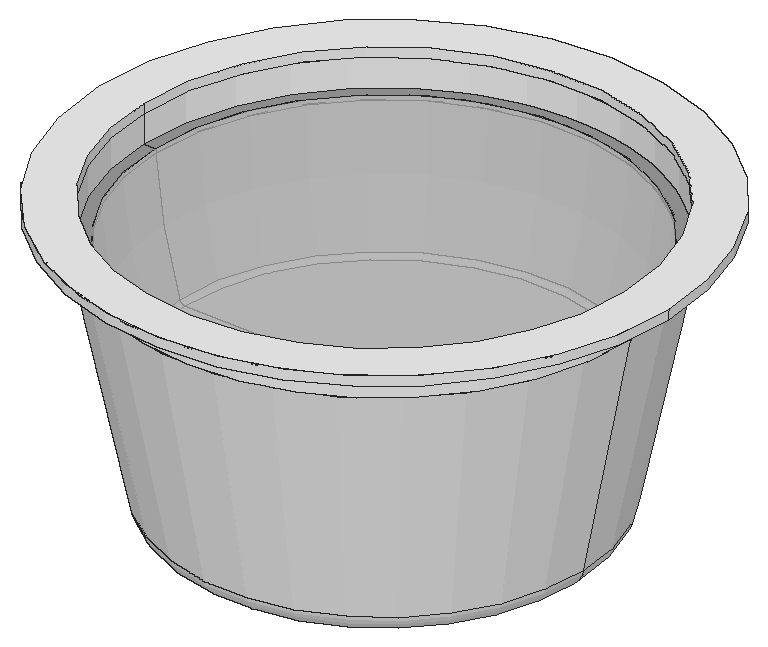
Revit family "2059203 Lighting Fixture_Sylvania_Ascent 100 Deco(160)-High Output_Ceiling Recessed", category Lighting Fixtures, host Face, Revit 2017
Family settings
  Host = Face
  Round Connector Dimension = Use Diameter
  Part Type = Normal
  OmniClass Number = 23.80.70.11.17
  OmniClass Title = Specialized Lighting by Location or Use
  Cut with Voids When Loaded = No
  Light Source = Yes
  Shared = No
  Room Calculation Point = No
Parameters (values of type "Asct100 Deco HO 3K EMPRO 160")
  Reflector Radius = Radius - 14.5 mm  # 80.0 mm
  Reflector Material = Aluminium_Sylvania_Ascent_Silver
  Radius = 94.5 mm
  Life = "50 000h"  # constant formula
  IP Rating = "IP44"  # constant formula
  IK Rating = "IK02"  # constant formula
  Height = 94.0 mm
  Wattage = 1.47564 W
  built-in parameter 1150110 = 1 (stored number, unit not read)
  Voltage Comments = "UNV (Universal Voltage; 220-240 Volt)"  # constant formula
  Voltage = 240 V  # constant formula
  URL = "https://www.sylvania-lighting.com/"
  built-in parameter 1114217 = 1 (stored number, unit not read)
  Tilt Angle = -90°
  built-in parameter 1150109 = 1 (stored number, unit not read)
  built-in parameter 1150134 = (empty or 0)
  built-in parameter 1150113 = 1 (stored number, unit not read)
  Product Page URL = "https://www.sylvania-lighting.com/product/en-int/products/2059203"
  Product Family = "Ascent 100 Deco (160) - High Output"  # constant formula
  Photometry Comments = ""
  Photometric Web File = "2059203_Asct100DecoHO3KEMPRO160-190043.ies"
  Glow Wire Test = 850 °C
  Emit from Circle Diameter = 2 * Diffuser Radius  # 152.0 mm
  Emit Shape Visible in Rendering = no
  Drive Current = "700mA"  # constant formula
  Diffuser Radius = Reflector Radius - 4.0 mm  # 76.0 mm
  Diffuser Material = Polycarbonate_Sylvania_Ascent_Clear
  Diameter = 2 * Radius  # 189.0 mm
  Cutout Diameter = Diameter - 11.0 mm  # 178.0 mm
  built-in parameter 1114216 [instance] = 1 (stored number, unit not read)
  Model = "Asct100 Deco HO 3K EMPRO 160"
  Manufacturer = "Feilo-Sylvania Group"
  built-in parameter 1150105 = 74.594 (stored number, unit not read)
  Lumens = 159 lm
  built-in parameter 1150115 = 1 (stored number, unit not read)
  built-in parameter 1150137 = (empty or 0)
  built-in parameter 1150139 = (empty or 0)
  built-in parameter 1150112 = 1 (stored number, unit not read)
  built-in parameter 1150114 = 1 (stored number, unit not read)
  Lamp = "Integrated LED"
  built-in parameter 1150132 = 2
  built-in parameter 1150102 = (empty or 0)
  built-in parameter 1150107 = 3000 (stored number, unit not read)
  built-in parameter 1150138 = (empty or 0)
  built-in parameter 1150106 = 0.74594 (stored number, unit not read)
  Body Material = Aluminum_Sylvania_Ascent_White
  built-in parameter 1150104 = 10.01 (stored number, unit not read)
  Dimming Lamp Color Temperature Shift = <None>
  Description = "Direct LED retro fit for original LED 100 Deco (160) single CFL lamp offering Matching lumen levels and improved light distribution of original LED 100 CFL lamp equivalents Typically half the power consumption compared to CFL Up to 112lm/W 160mm aperture Decorative reflector accepts snap fit polycarbonate accessories from existing LED 100 Deco 160 offering New kometa accessory ring creates a diffused indirect halo of light onto the ceiling for decorative effect HE, HO and VHO versions equivalent of single 1 x 18W, 1 x 32W, 1 x 42W Additional VVHO versions which offer the performance circa 2 x 32W equivalent"  # constant formula
  Default Elevation = 0.0 mm
  Color Filter = 16777215
  Catalog Number = "2059203 Asct100 Deco HO 3K EMPRO 160"
  built-in parameter 1140040 [instance] = 1
  built-in parameter 1114218 = 1 (stored number, unit not read)
  built-in parameter 1150133 = 10 (stored number, unit not read)
  Assembly Code = "D5020200"
  Apparent Load Comments = ""
  Apparent Load = 17 VA
  Aperture = 2 * Reflector Radius  # 160.0 mm
Reference planes
  plane 1 "Center (Front/Back)": y = 0
  plane 2: z = 0
  plane 3 "Center (Left/Right)": x = 0
  plane 4 "Fixture Bottom": z = 3
  plane 5: z = -53.5
  plane 6 "Fixture Top": z = -91
  plane 7: z = -9
  plane 8: z = -10.5
Forms (mm)
  Extrusion 1, solid, material "Aluminum_Sylvania_Ascent_White" <- "Body Material", detail levels fine
    sketch origin (0, 0, 0) x (1, 0, 0) y (0, 1, 0)
      loop
        circle (0, 0) r 94.5
      loop
        circle (0, 0) r 80
    from 0 to 3
  Extrusion 2, void
    sketch origin (0, 0, 0) x (1, 0, 0) y (0, 1, 0)
      loop
        circle (0, 0) r 89
    from -91 to 3
  Revolve 3, solid, material "Aluminum_Sylvania_Ascent_White" <- "Body Material", detail levels fine
    sketch origin (0, 0, 0) x (1, 0, 0) y (0, 0, 1)
      loop
        line (0, -89) -> (-58.456, -89)
        arc (-58.456, -89) -> (-62.232, -87.663) -> (-64.324, -84.247) r 6
        line (-64.324, -84.247) -> (-80, -10.5) -> (-80, 0) -> (-82.009, 0) -> (-82.009, -10.5) -> (-66.245, -84.663)
        arc (-66.245, -84.663) -> (-63.454, -89.217) -> (-58.42, -91) r 8
        line (-58.42, -91) -> (0, -91) -> (0, -89)
      axis (0, 0) -> (0, -91)
    angle from 0 to 360
  Revolve 4, solid, material "Aluminium_Sylvania_Ascent_Silver" <- "Reflector Material", detail levels fine
    sketch origin (0, 0, 0) x (1, 0, 0) y (0, 0, 1)
      loop
        line (-80, -9) -> (-80, -10.5) -> (-77, -10.5)
        arc (-77, -10.5) -> (-74.319, -31.239) -> (-68.971, -51.454) r 160.868
        arc (-68.971, -51.454) -> (-67.878, -52.935) -> (-66.127, -53.5) r 3
        line (-66.127, -53.5) -> (-58, -53.5)
        arc (-58, -53.5) -> (-56.855, -62.037) -> (-53.5, -69.971) r 32.394
        line (-53.5, -69.971) -> (0, -69.971) -> (0, -52.5) -> (-66.127, -52.5)
        arc (-66.127, -52.5) -> (-67.294, -52.124) -> (-68.023, -51.136) r 2
        arc (-68.023, -51.136) -> (-73.335, -31.062) -> (-76, -10.468) r 159.868
        line (-76, -10.468) -> (-76, -9) -> (-80, -9)
      axis (0, -9) -> (0, -69.971)
    angle from 0 to 360
  Extrusion 5, solid, material "Polycarbonate_Sylvania_Ascent_Clear" <- "Diffuser Material", detail levels fine
    sketch origin (0, 0, 0) x (1, 0, 0) y (0, 1, 0)
      loop
        circle (0, 0) r 76
    from -10.5 to -9
  Revolve 6, solid, material "Aluminum_Sylvania_Ascent_White" <- "Body Material", detail levels coarse+medium
    sketch origin (0, 0, 0) x (1, 0, 0) y (0, 0, 1)
      loop
        line (0, 3) -> (-94.5, 3) -> (-94.5, 0) -> (-82.009, 0) -> (-82.009, -10.5) -> (-66.245, -84.663)
        arc (-66.245, -84.663) -> (-63.454, -89.217) -> (-58.42, -91) r 8
        line (-58.42, -91) -> (0, -91) -> (0, 3)
      axis (0, 3) -> (0, -91)
    angle from 0 to 360
Cuts and joins
  joined: Extrusion 1, Revolve 3
Dimensions and locks
  plane 4 "Fixture Bottom" to plane 2 to plane 7 to plane 8 to plane 5 = 3.0 mm locked, 9.0 mm locked, 1.5 mm locked, 43.0 mm locked
  "Height": plane 4 "Fixture Bottom" to plane 6 "Fixture Top"
  "Reflector Radius": plane 3 "Center (Left/Right)" to Revolve 4 sketch curve
  "Reflector Radius": plane 3 "Center (Left/Right)" to Revolve 3 sketch curve
  locked: Revolve 3 sketch curve to Revolve 3 sketch curve at 2.009
  Revolve 4 sketch curve to Revolve 4 sketch curve = 4.0 mm
  Revolve 4 sketch curve to Revolve 4 sketch curve = 1.0 mm
  Revolve 4 sketch curve to Revolve 4 sketch curve to Revolve 4 sketch curve to Revolve 4 sketch curve to Revolve 4 sketch curve = 11.029 mm locked, 2.844 mm locked, 8.127 mm locked, 4.5 mm locked
  Revolve 3 sketch curve to Revolve 3 sketch curve to Revolve 3 sketch curve = 13.755 mm locked, 7.825 mm locked
  "Radius": plane 3 "Center (Left/Right)" to Revolve 6 sketch curve
  Revolve 6 sketch curve to Revolve 6 sketch curve to Revolve 6 sketch curve = 7.825 mm locked, 28.255 mm locked
  "Cutout Diameter": diameter of Extrusion 2 sketch curve
  "Reflector Radius": radius of Extrusion 1 sketch curve
  "Diffuser Radius": radius of Extrusion 5 sketch curve
  "Radius": radius of Extrusion 1 sketch curve
  aligned and locked: host face to plane 2
  aligned and locked: host face to level
  aligned and locked: plane 1 "Center (Front/Back)" to imposter light
  aligned and locked: plane 3 "Center (Left/Right)" to imposter light
  aligned and locked: plane 4 "Fixture Bottom" to Extrusion 1
  aligned and locked: Extrusion 1 to plane 2
  aligned and locked: Revolve 3 sketch curve to plane 3 "Center (Left/Right)"  (x2)
  aligned and locked: Revolve 4 sketch curve to plane 3 "Center (Left/Right)"  (x2)
  aligned and locked: plane 2 to Revolve 3 sketch curve
  aligned and locked: plane 6 "Fixture Top" to Extrusion 2
  aligned and locked: Revolve 3 sketch curve to plane 2
  aligned and locked: plane 8 to Revolve 3 sketch curve  (x2)
  aligned and locked: plane 7 to Revolve 4 sketch curve
  aligned and locked: Revolve 4 sketch curve to plane 8
  aligned and locked: imposter light to Extrusion 2
  aligned and locked: plane 7 to Extrusion 5
  aligned and locked: Extrusion 5 to plane 8
  aligned and locked: imposter light to plane 4 "Fixture Bottom"
  aligned and locked: Revolve 3 sketch curve to plane 6 "Fixture Top"
  aligned and locked: Revolve 6 sketch curve to plane 4 "Fixture Bottom"
Automatic sketch dimensions
  plane 1 "Center (Front/Back)" to Extrusion 2 sketch curve = 0.0 mm
  Extrusion 2 sketch curve to plane 3 "Center (Left/Right)" = 0.0 mm
  Extrusion 1 sketch curve to Extrusion 1 sketch curve = 0.0 mm  (x2)
  plane 1 "Center (Front/Back)" to Extrusion 1 sketch curve = 0.0 mm
  Extrusion 1 sketch curve to plane 3 "Center (Left/Right)" = 0.0 mm
  plane 1 "Center (Front/Back)" to Extrusion 5 sketch curve = 0.0 mm
  Extrusion 5 sketch curve to plane 3 "Center (Left/Right)" = 0.0 mm
  host sketch curve to host sketch curve = 1368.192 mm
  host sketch curve to host sketch curve = 1600.367 mm
  Revolve 4 sketch curve to plane 5 = 0.0 mm
  Revolve 4 sketch curve to plane 5 = 16.471 mm
  plane 8 to Revolve 4 sketch curve = 0.032 mm
  Revolve 4 sketch curve to Revolve 4 sketch curve = 0.0 mm  (x5)
  Revolve 4 sketch curve to level = 0.289 mm
  Revolve 4 sketch curve to Revolve 4 sketch curve = 2.387 mm
  plane 4 "Fixture Bottom" to Revolve 4 sketch curve = 9.642 mm
  Revolve 4 sketch curve to Revolve 4 sketch curve = 0.948 mm
  Revolve 3 sketch curve to plane 6 "Fixture Top" = 6.753 mm
  Revolve 3 sketch curve to plane 6 "Fixture Top" = 2.0 mm
  Revolve 3 sketch curve to plane 6 "Fixture Top" = 6.337 mm
  Revolve 3 sketch curve to Revolve 3 sketch curve = 1.921 mm
  Revolve 3 sketch curve to Revolve 3 sketch curve = 0.036 mm
  plane 6 "Fixture Top" to Revolve 3 sketch curve = 33.569 mm
  plane 4 "Fixture Bottom" to Revolve 3 sketch curve = 82.431 mm
  Revolve 6 sketch curve to plane 8 = 0.0 mm
  Revolve 6 sketch curve to plane 6 "Fixture Top" = 0.0 mm
  Revolve 6 sketch curve to plane 6 "Fixture Top" = 6.337 mm
  Revolve 6 sketch curve to plane 3 "Center (Left/Right)" = 0.0 mm
  Revolve 6 sketch curve to Revolve 6 sketch curve = 12.491 mm
  plane 6 "Fixture Top" to Revolve 6 sketch curve = 33.569 mm
  plane 4 "Fixture Bottom" to Revolve 6 sketch curve = 82.431 mm
  plane 3 "Center (Left/Right)" to Revolve 6 sketch curve = 0.0 mm
  Revolve 6 sketch curve to level = 0.0 mm
Connectors
  electrical at (0, 0, -91), driven by "Voltage", driven by "Apparent Load"
    settings: index 1, voltage 240 V, apparent load 0 VA, apparent load phase1 17 VA, apparent load phase2 0 VA, apparent load phase3 0 VA, power factor 1, load classification "Lighting", number of poles 1, system type 31, power factor state 1, is connector primary yes, connector utility no, sub classification motor no, connector description ""
